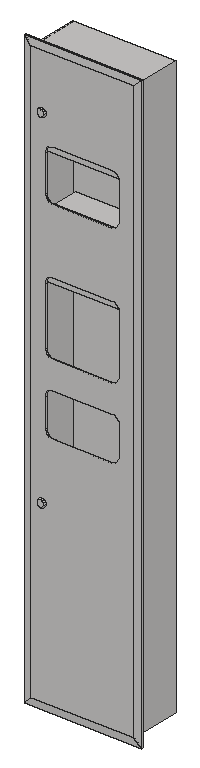
Revit family "Hand Dryer_3 In 1_Metlam_Eco_Recessed", category Specialty Equipment, Revit 2016
Family settings
  Part Type = Normal
  Round Connector Dimension = Use Diameter
  OmniClass Number = 23.40.20.21.17
  OmniClass Title = Paper Towel Dispensers, Disposal Units
  Work Plane-Based = No
  Always vertical = Yes
  Cut with Voids When Loaded = Yes
  Shared = No
  Room Calculation Point = Yes
Parameters (values of type "318w x 142d x 1625h (ML_ECO_73N1REC)")
  Voltage = 240 V
  URL = "http://www.metlam.com.au/"
  Type Comments = "3 in 1 Combo Units"  # constant formula
  Model = "ML_ECO_73N1REC"
  Material_ANZRS = z_Metlam_Metal_Stainless Steel_Satin
  Manufacturer_URL__Product Specific = "https://www.metlam.com.au/product/content/hand-dryers/ML_ECO_73N1REC"
  Manufacturer_Spec Code = Model  # "ML_ECO_73N1REC"
  Manufacturer_Overall Width = 318 mm
  Manufacturer_Overall Height = 1625 mm
  Manufacturer_Overall Depth = 141.5 mm
  Manufacturer_Height From FFL [instance] = 0 mm
  Manufacturer = "Metlam"  # constant formula
  Description = "Paper Towel Dispenser, Eco Hand Dryer & Waste Receptacle Recessed"
  CreatedBy_ANZRS = "IGS BIM Solutions"  # constant formula
  CreatedByURL_ANZRS = "http://www.igsgroup.com.au/"
  Assembly Code = ""
Reference planes
  plane 1 "Back": y = 0
  plane 2 "Ref. Level": z = 0
  plane 3 "Center (Left/Right)": x = 0
  plane 4 "Left": x = -159
  plane 5 "Right": x = 159
  plane 6 "Recessed Flush_Front": y = -135
  plane 7 "Front": y = -141.5
  plane 8 "Top": z = 1625
  plane 9 "Bottom": z = 0
  plane 10 "Recessed_Top": z = 1606.5
  plane 11 "Recessed_Bottom": z = 18.5
  plane 12 "Recessed_Left": x = -140
  plane 13 "Recessed_Right": x = 140
  plane 14 "Waste_Opening_Top": z = 788.5
  plane 15 "Inside Back": y = -2
  plane 16 "Paper Dispenser_Opening_Top": z = 1381.5
  plane 17 "Hand Dryer Opening_Top": z = 1063.5
Forms (mm)
  Extrusion 1, solid, material "z_Metlam_Metal_Stainless Steel_Satin" <- "Material_ANZRS"
    sketch origin (0, 0, 1265) x (1, 0, 0) y (0, 0, 1)
      loop
        line (-140, -1246.5) -> (140, -1246.5) -> (140, 341.5) -> (-140, 341.5) -> (-140, -1246.5)
      loop
        line (-138, -1244.5) -> (138, -1244.5) -> (138, 339.5) -> (-138, 339.5) -> (-138, -1244.5)
    from 0 to 135
  Extrusion 2, solid, material "z_Metlam_Metal_Stainless Steel_Satin" <- "Material_ANZRS"
    sketch origin (0, 0, 0) x (1, 0, 0) y (0, 0, 1)
      loop
        line (-140, 18.5) -> (140, 18.5) -> (140, 1606.5) -> (-140, 1606.5) -> (-140, 18.5)
    from 0 to 2
  Blend 3, solid, material "z_Metlam_Metal_Stainless Steel_Satin" <- "Material_ANZRS"
    base sketch origin (0, -135, 0) x (1, 0, 0) y (0, 0, 1)
      loop
        line (-159, 1625) -> (-159, 0) -> (159, 0) -> (159, 1625) -> (-159, 1625)
    top sketch origin (0, -135, 0) x (1, 0, 0) y (0, 0, 1)
      loop
        line (-140, 1606.5) -> (-140, 18.5) -> (140, 18.5) -> (140, 1606.5) -> (-140, 1606.5)
    from 5 to 6.5
  Blend 4, solid, material "z_Metlam_Metal_Stainless Steel_Satin" <- "Material_ANZRS", detail levels medium+fine
    base sketch origin (0, -141.5, 0) x (1, 0, 0) y (0, 0, 1)
      loop
        circle (-111.33, 503.611) r 11
    top sketch origin (0, -141.5, 0) x (1, 0, 0) y (0, 0, 1)
      loop
        circle (-111.33, 503.611) r 9
    from 0 to 4
  Blend 5, solid, material "z_Metlam_Metal_Stainless Steel_Satin" <- "Material_ANZRS", detail levels medium+fine
    base sketch origin (0, -141.5, 2340) x (1, 0, 0) y (0, 0, 1)
      loop
        circle (-111.33, -885.111) r 11
    top sketch origin (0, -141.5, 2340) x (1, 0, 0) y (0, 0, 1)
      loop
        circle (-111.33, -885.111) r 9
    from 0 to 4
  Extrusion 6, solid, material "z_Metlam_Metal_Stainless Steel_Satin" <- "Material_ANZRS"
    sketch origin (0, -135, 0) x (1, 0, 0) y (0, 0, 1)
      loop
        line (-140, 1606.5) -> (-140, 18.5) -> (140, 18.5) -> (140, 1606.5) -> (-140, 1606.5)
      loop
        line (159, 0) -> (159, 1625) -> (-159, 1625) -> (-159, 0) -> (159, 0)
    from 5 to 0
  Extrusion 7, void
    sketch origin (0, -141.5, 0) x (1, 0, 0) y (0, 0, 1)
      loop
        line (80, 788.5) -> (-80, 788.5)
        arc (-80, 788.5) -> (-94.142, 782.642) -> (-100, 768.5) r 20
        line (-100, 768.5) -> (-100, 688.5)
        arc (-100, 688.5) -> (-94.142, 674.358) -> (-80, 668.5) r 20
        line (-80, 668.5) -> (80, 668.5)
        arc (80, 668.5) -> (94.142, 674.358) -> (100, 688.5) r 20
        line (100, 688.5) -> (100, 768.5)
        arc (100, 768.5) -> (94.142, 782.642) -> (80, 788.5) r 20
    from -6.5 to 0
  Extrusion 8, void
    sketch origin (0, -141.5, 0) x (1, 0, 0) y (0, 0, 1)
      loop
        line (80, 1381.5) -> (-80, 1381.5)
        arc (-80, 1381.5) -> (-94.142, 1375.642) -> (-100, 1361.5) r 20
        line (-100, 1361.5) -> (-100, 1261.5)
        arc (-100, 1261.5) -> (-94.142, 1247.358) -> (-80, 1241.5) r 20
        line (-80, 1241.5) -> (80, 1241.5)
        arc (80, 1241.5) -> (94.142, 1247.358) -> (100, 1261.5) r 20
        line (100, 1261.5) -> (100, 1361.5)
        arc (100, 1361.5) -> (94.142, 1375.642) -> (80, 1381.5) r 20
    from -6.5 to 0
  Extrusion 9, void
    sketch origin (0, -141.5, 0) x (1, 0, 0) y (0, 0, 1)
      loop
        line (-100, 1043.5) -> (-100, 883.5)
        arc (-100, 883.5) -> (-94.142, 869.358) -> (-80, 863.5) r 20
        line (-80, 863.5) -> (80, 863.5)
        arc (80, 863.5) -> (94.142, 869.358) -> (100, 883.5) r 20
        line (100, 883.5) -> (100, 1043.5)
        arc (100, 1043.5) -> (94.142, 1057.642) -> (80, 1063.5) r 20
        line (80, 1063.5) -> (-80, 1063.5)
        arc (-80, 1063.5) -> (-94.142, 1057.642) -> (-100, 1043.5) r 20
    from -6.5 to 0
  Extrusion 10, solid, material "z_Metlam_Metal_Stainless Steel_Satin" <- "Material_ANZRS"
    sketch origin (0, -141.5, 0) x (1, 0, 0) y (0, 0, 1)
      loop
        line (-100, 1361.5) -> (100, 1361.5) -> (100, 1587) -> (-100, 1587) -> (-100, 1361.5)
    from -6.5 to -125.261
  Extrusion 11, void
    sketch origin (0, 0, 0) x (1, 0, 0) y (0, 0, 1)
      loop
        line (-145, 1612.5) -> (-145, 12.5) -> (145, 12.5) -> (145, 1612.5) -> (-145, 1612.5)
    from 0 to 135
  Extrusion 12, solid, material "z_Metlam_Metal_Stainless Steel_Satin" <- "Material_ANZRS"
    sketch origin (0, -141.5, 0) x (1, 0, 0) y (0, 0, 1)
      loop
        line (-118, 1204) -> (-118, 1043.5) -> (112, 1043.5) -> (112, 1204) -> (-118, 1204)
    from -125.261 to -6.5
  Extrusion 13, void
    sketch origin (0, 0, 0) x (1, 0, 0) y (0, 0, 1)
      loop
        circle (100.052, 1063.5) r 5
    from 0 to 2
Cuts and joins
  Extrusion 7, Extrusion 8, Extrusion 9, Extrusion 13 cuts Extrusion 1
  Extrusion 7, Extrusion 8, Extrusion 9, Extrusion 13 cuts Extrusion 2
  Extrusion 7, Extrusion 8, Extrusion 9, Extrusion 13 cuts Blend 3
  Extrusion 7, Extrusion 8, Extrusion 9, Extrusion 13 cuts Extrusion 6
  Extrusion 13 cuts Extrusion 10
  joined: Extrusion 1, Extrusion 2, Blend 3, Extrusion 6, Extrusion 10
Lines and regions (mm)
  Masking region 1
    outline origin (0, 0, 1625) x (-1, 0, 0) y (0, -1, 0)
      loop
        line (-140, 0) -> (140, 0) -> (140, 135) -> (159, 135) -> (159, 140) -> (140, 141.5) -> (-140, 141.5) -> (-159, 140) -> (-159, 135) -> (-140, 135) -> (-140, 0)
  symbolic lines, style "Bathroom Fixtures", detail levels medium+fine
    curve 1: line (-140, -135, 1625) -> (140, -135, 1625)
  model lines, style "Bathroom Fixtures"
    curve 2: line (-140, -141.5, 826) -> (140, -141.5, 826)
    curve 3: line (-140, -141.5, 1204) -> (140, -141.5, 1204)
Text (mm)
  text "> Contact Manufacturer to confirm feasibility of design variations outside the scope of this Revit Family\n\n\n\nDisclaimer:\n\nDue to ongoing product development and manufacturing evolution, product details are subject to change without notice. Please refer to product technical data sheets on the manufacturer’s website for the most current product information. Please allow a +/- 5mm manufacturing tolerance for dimensions and set-outs shown in product literature." at (279.757, 47.528, 0), in view "Ref. Level_Instruction"
Dimensions and locks
  equal spacing: plane 4 "Left", plane 3 "Center (Left/Right)", plane 5 "Right"
  "Manufacturer_Overall Width": plane 4 "Left" to plane 5 "Right"
  "Manufacturer_Overall Depth": plane 7 "Front" to plane 1 "Back"
  "Manufacturer_Overall Height": plane 8 "Top" to plane 9 "Bottom"
  locked: plane 10 "Recessed_Top" to Extrusion 1 sketch curve at 2
  locked: Extrusion 1 sketch curve to plane 11 "Recessed_Bottom" at 2
  locked: plane 8 "Top" to plane 10 "Recessed_Top" at 18.5
  locked: plane 11 "Recessed_Bottom" to plane 9 "Bottom" at 18.5
  locked: plane 12 "Recessed_Left" to plane 13 "Recessed_Right" at 280
  equal spacing: plane 12 "Recessed_Left", plane 3 "Center (Left/Right)", plane 13 "Recessed_Right"
  locked: plane 15 "Inside Back" to plane 1 "Back" at 2
  locked: plane 7 "Front" to plane 6 "Recessed Flush_Front" at 6.5
  locked: plane 10 "Recessed_Top" to plane 16 "Paper Dispenser_Opening_Top" at 225
  locked: Extrusion 11 sketch curve to Extrusion 11 sketch curve at 1600
  equal spacing: Extrusion 11 sketch curve, plane 3 "Center (Left/Right)", Extrusion 11 sketch curve
  locked: Extrusion 11 sketch curve to Extrusion 11 sketch curve at 290
  locked: plane 9 "Bottom" to Extrusion 11 sketch curve at 12.5
  locked: plane 17 "Hand Dryer Opening_Top" to Extrusion 9 sketch curve at 200
  locked: plane 16 "Paper Dispenser_Opening_Top" to Extrusion 10 sketch curve at 20
  locked: plane 14 "Waste_Opening_Top" to Extrusion 7 sketch curve at 120
  locked: plane 16 "Paper Dispenser_Opening_Top" to plane 17 "Hand Dryer Opening_Top" at 318
  plane 17 "Hand Dryer Opening_Top" to plane 14 "Waste_Opening_Top" = 275 mm
  "Manufacturer_Height From FFL": plane 9 "Bottom" to plane 2 "Ref. Level"
  locked: Extrusion 10 sketch curve to plane 16 "Paper Dispenser_Opening_Top" at 205.5
  locked: plane 17 "Hand Dryer Opening_Top" to Extrusion 12 sketch curve at 20
  locked: Extrusion 12 sketch curve to plane 17 "Hand Dryer Opening_Top" at 140.5
  aligned and locked: level to plane 2 "Ref. Level"
  aligned and locked: cut or joined group 1 (Extrusion 1, Extrusion 2, Blend 3, Extrusion 6, Extrusion 7, Extrusion 8, Extrusion 9, Extrusion 10, Extrusion 13) to plane 10 "Recessed_Top"
  aligned and locked: plane 8 "Top" to cut or joined group 1
  aligned and locked: plane 6 "Recessed Flush_Front" to cut or joined group 1  (x2)
  aligned and locked: Extrusion 8 to plane 7 "Front"
  aligned and locked: Extrusion 9 to plane 7 "Front"
  aligned and locked: Extrusion 7 to plane 7 "Front"
  aligned and locked: Extrusion 8 to plane 6 "Recessed Flush_Front"
  aligned and locked: Extrusion 9 to plane 6 "Recessed Flush_Front"
  aligned and locked: Extrusion 7 to plane 6 "Recessed Flush_Front"
  aligned and locked: plane 16 "Paper Dispenser_Opening_Top" to cut or joined group 1
  aligned and locked: plane 6 "Recessed Flush_Front" to Extrusion 11
  aligned and locked: plane 17 "Hand Dryer Opening_Top" to Extrusion 13 sketch curve
Automatic sketch dimensions
  Extrusion 1 sketch curve to plane 10 "Recessed_Top" = 0 mm
  Extrusion 1 sketch curve to plane 12 "Recessed_Left" = 0 mm
  plane 13 "Recessed_Right" to Extrusion 1 sketch curve = 0 mm
  Extrusion 1 sketch curve to plane 11 "Recessed_Bottom" = 0 mm
  plane 12 "Recessed_Left" to Extrusion 1 sketch curve = 2 mm
  plane 13 "Recessed_Right" to Extrusion 1 sketch curve = 2 mm
  Extrusion 2 sketch curve to plane 10 "Recessed_Top" = 0 mm
  Extrusion 2 sketch curve to plane 12 "Recessed_Left" = 0 mm
  Extrusion 2 sketch curve to plane 11 "Recessed_Bottom" = 0 mm
  plane 13 "Recessed_Right" to Extrusion 2 sketch curve = 0 mm
  plane 4 "Left" to Blend 3 sketch curve = 0 mm
  plane 5 "Right" to Blend 3 sketch curve = 0 mm
  Blend 3 sketch curve to plane 9 "Bottom" = 0 mm
  Blend 3 sketch curve to plane 8 "Top" = 0 mm
  Blend 3 sketch curve to plane 11 "Recessed_Bottom" = 0 mm
  plane 12 "Recessed_Left" to Blend 3 sketch curve = 0 mm
  plane 13 "Recessed_Right" to Blend 3 sketch curve = 0 mm
  Blend 3 sketch curve to plane 10 "Recessed_Top" = 0 mm
  plane 12 "Recessed_Left" to Blend 4 sketch curve = 28.67 mm  (x2)
  Blend 5 sketch curve to plane 12 "Recessed_Left" = 28.67 mm  (x2)
  Extrusion 6 sketch curve to plane 4 "Left" = 0 mm
  Extrusion 6 sketch curve to plane 11 "Recessed_Bottom" = 0 mm
  Extrusion 6 sketch curve to plane 12 "Recessed_Left" = 0 mm
  Extrusion 6 sketch curve to plane 10 "Recessed_Top" = 0 mm
  plane 13 "Recessed_Right" to Extrusion 6 sketch curve = 0 mm
  plane 5 "Right" to Extrusion 6 sketch curve = 0 mm
  Extrusion 6 sketch curve to plane 9 "Bottom" = 0 mm
  Extrusion 6 sketch curve to plane 8 "Top" = 0 mm
  plane 10 "Recessed_Top" to Blend 5 sketch curve = 151.611 mm  (x2)
  Extrusion 8 sketch curve to plane 16 "Paper Dispenser_Opening_Top" = 0 mm
  Extrusion 8 sketch curve to plane 16 "Paper Dispenser_Opening_Top" = 20 mm
  plane 12 "Recessed_Left" to Extrusion 8 sketch curve = 40 mm
  Extrusion 8 sketch curve to Extrusion 8 sketch curve = 20 mm  (x2)
  plane 13 "Recessed_Right" to Extrusion 8 sketch curve = 60 mm  (x2)
  Extrusion 7 sketch curve to plane 14 "Waste_Opening_Top" = 0 mm
  plane 14 "Waste_Opening_Top" to Extrusion 7 sketch curve = 20 mm
  plane 12 "Recessed_Left" to Extrusion 7 sketch curve = 40 mm
  plane 13 "Recessed_Right" to Extrusion 7 sketch curve = 60 mm  (x2)
  Extrusion 9 sketch curve to plane 17 "Hand Dryer Opening_Top" = 0 mm
  plane 17 "Hand Dryer Opening_Top" to Extrusion 9 sketch curve = 20 mm  (x2)
  plane 12 "Recessed_Left" to Extrusion 9 sketch curve = 40 mm
  plane 13 "Recessed_Right" to Extrusion 9 sketch curve = 60 mm
  Extrusion 9 sketch curve to Extrusion 9 sketch curve = 20 mm  (x2)
  plane 6 "Recessed Flush_Front" to curve 1 = 0 mm
  curve 1 to plane 13 "Recessed_Right" = 0 mm
  curve 1 to plane 12 "Recessed_Left" = 0 mm
  Extrusion 11 sketch curve to plane 12 "Recessed_Left" = 5 mm
  curve 3 to plane 12 "Recessed_Left" = 0 mm
  curve 2 to plane 12 "Recessed_Left" = 0 mm
  plane 13 "Recessed_Right" to curve 3 = 0 mm
  plane 13 "Recessed_Right" to curve 2 = 0 mm
  curve 2 to plane 14 "Waste_Opening_Top" = 37.5 mm
  curve 3 to plane 17 "Hand Dryer Opening_Top" = 140.5 mm
  Extrusion 8 sketch curve to Extrusion 8 sketch curve = 100 mm
  plane 14 "Waste_Opening_Top" to Blend 4 sketch curve = 284.889 mm  (x2)
  Extrusion 7 sketch curve to Extrusion 7 sketch curve = 20 mm  (x2)
  plane 12 "Recessed_Left" to Extrusion 10 sketch curve = 40 mm
  plane 13 "Recessed_Right" to Extrusion 10 sketch curve = 40 mm
  plane 12 "Recessed_Left" to Extrusion 12 sketch curve = 22 mm
  plane 13 "Recessed_Right" to Extrusion 12 sketch curve = 28 mm
  plane 13 "Recessed_Right" to Extrusion 13 sketch curve = 39.948 mm
  Masking region 1 sketch curve to plane 5 "Right" = 0 mm
  plane 1 "Back" to Masking region 1 sketch curve = 0 mm
  Masking region 1 sketch curve to plane 13 "Recessed_Right" = 0 mm  (x2)
  plane 6 "Recessed Flush_Front" to Masking region 1 sketch curve = 0 mm  (x2)
  Masking region 1 sketch curve to plane 12 "Recessed_Left" = 0 mm  (x2)
  plane 7 "Front" to Masking region 1 sketch curve = 0 mm
  Masking region 1 sketch curve to plane 4 "Left" = 0 mm
  Masking region 1 sketch curve to plane 7 "Front" = 1.5 mm  (x2)
  radius of Blend 4 sketch curve = 11 mm
  radius of Blend 4 sketch curve = 9 mm
  radius of Blend 5 sketch curve = 11 mm
  radius of Blend 5 sketch curve = 9 mm
  radius of Extrusion 13 sketch curve = 5 mm
Connectors
  electrical at (100.052, 0, 1063.5), driven by "Voltage"
    settings: on cut or joined group 1, index 1, voltage 240 V, apparent load 0 VA, apparent load phase1 0 VA, apparent load phase2 0 VA, apparent load phase3 0 VA, power factor 1, load classification "Power", number of poles 1, system type 30, power factor state 1, is connector primary yes, connector utility no, sub classification motor no, connector description "Power"
